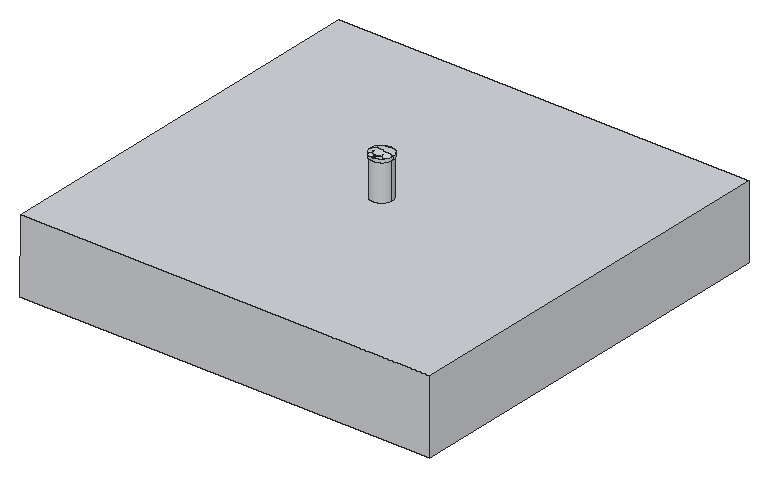
Revit family "Alcon-9150-S90-Revit-Family", category Luminarias, Revit 2025
Family settings
  Anfitrión = Cara
  Cota de conector redondo = Usar diámetro
  Tipo de pieza = Normal
  Corte con vacíos al cargar = No
  Origen de luz = Sí
  Mantener orientación de anotación = No
  Compartido = No
  Punto de cálculo de habitación = No
Parameters
  Tilt Angle = 60.00°
  built-in parameter 1010506 = 0.5236 (stored number, unit not read)
  built-in parameter 1010507 = 1.5708 (stored number, unit not read)
  Wattage = 9.2903 W
  URL = "https://www.alconlighting.com/9150-s90.html"
  built-in parameter 1150107 = 3200 (stored number, unit not read)
  TOP FINISH = none
  TAP LENS = none
  built-in parameter 1150110 = 1 (stored number, unit not read)
  built-in parameter 1150109 = 1 (stored number, unit not read)
  built-in parameter 1150112 = 1 (stored number, unit not read)
  built-in parameter 1150113 = 1 (stored number, unit not read)
  built-in parameter 1114218 = 1 (stored number, unit not read)
  Product Page = "https://www.alconlighting.com/9150-s90.html"
  Product Data URL = "https://www.alconlighting.com/9150-s90.html"
  built-in parameter 1150137 = (empty or 0)
  built-in parameter 1150132 = (empty or 0)
  Modelo = "Alcon Lighting 9150-S90"
  Longitud de símbolo de origen de luz = 10' - 0"
  Link to IES File = "https://www.alconlighting.com/9150-s90.html"
  LENS GLASS = Glass
  built-in parameter 1150105 = 4614.1 (stored number, unit not read)
  built-in parameter 1150102 = (empty or 0)
  built-in parameter 1150106 = 46.141 (stored number, unit not read)
  HOUSING = none
  GLASS LENS = Analytical Panels
  Lumens = 1380 lm
  Color Filter = 16777215
  built-in parameter 1114217 = 1 (stored number, unit not read)
  built-in parameter 1150139 = (empty or 0)
  Fabricante = "Alcon Lighting"
  Default Elevation = 4' - 0"
  built-in parameter 1150104 = 13.8 (stored number, unit not read)
  built-in parameter 1150115 = 1 (stored number, unit not read)
  built-in parameter 1150114 = 1 (stored number, unit not read)
  built-in parameter 1150138 = (empty or 0)
  built-in parameter 1150134 = 3
  Dimming Lamp Color Temperature Shift = (empty or 0)
  built-in parameter 1150133 = 10 (stored number, unit not read)
Reference planes (in)
  plane 1 "Center (Front/Back)": y = 0
  plane 2: z = 0
  plane 3 "Center (Left/Right)": x = 0
Forms (in)
  Extrusion 1, solid
    sketch origin (0, 0, 0) x (1, 0, 0) y (0, 1, 0)
      loop
        line (-33, 32.41633) -> (-33, -32.59453) -> (33.96505, -32.59453) -> (33.96505, 32.41633) -> (-33, 32.41633)
    from 0 to -12
  Extrusion 2, solid
    sketch origin (0, 0, 0) x (1, 0, 0) y (0, 1, 0)
      loop
        circle (0, 0) r 1.6875
    from 0 to 6
  Revolve 3, solid
    sketch origin (0, 0, 0) x (1, 0, 0) y (0, 0, 1)
      loop
        arc (0, 6.82421) -> (0.88527, 6.7205) -> (1.73047, 6.4375) r 4.32469
        line (1.73047, 6.4375) -> (1.23706, 6.4375) -> (1.23706, 6) -> (1.85, 6) -> (1.85, 6.4375)
        arc (1.85, 6.4375) -> (0.94905, 6.75794) -> (0, 6.875) r 4.37547
        line (0, 6.875) -> (0, 6.82421)
      axis (0, 6.875) -> (0, 6)
    angle from 0 to 360
  Extrusion 4, void
    sketch origin (0, 0, 6.4375) x (1, 0, 0) y (0, 1, 0)
      loop
        arc (-1.30815, -1.30815) -> (0, -1.85) -> (1.30815, -1.30815) r 1.85
        line (1.30815, -1.30815) -> (0, 0) -> (-1.30815, -1.30815)
    from 0 to 0.23802
  Extrusion 5, solid
    sketch origin (0, 0, 0) x (1, 0, 0) y (0, 1, 0)
      loop
        circle (0, -1.71313) r 0.1231
      loop
        circle (0, -1.71313) r 0.0621
      loop
        circle (0, 1.71313) r 0.1231
      loop
        circle (0, 1.71313) r 0.0621
      loop
        circle (1.71313, 0) r 0.1231
      loop
        circle (1.71313, 0) r 0.0621
      loop
        circle (-1.71313, 0) r 0.1231
      loop
        circle (-1.71313, 0) r 0.0621
    from 6.46603 to 6.4375
Cuts and joins
  Extrusion 4 cuts Extrusion 2
  Extrusion 4 cuts Revolve 3
Dimensions and locks (in)
  aligned and locked: plane 2 to Extrusion 1
  aligned and locked: level to Extrusion 1
